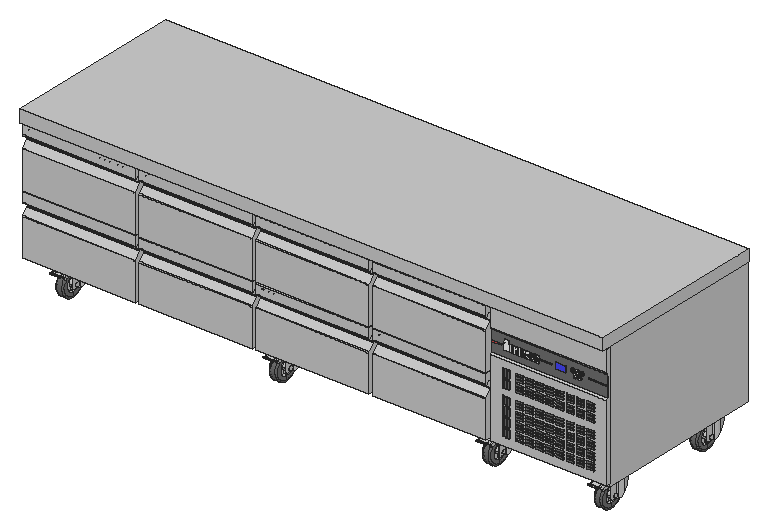
Revit family "QF_INOMAK_PWDP7777_250528083448", category Specialty Equipment, Revit 2021 (continued)
Definition of nested family "QF_INOMAK_REF_BASE_COUNTERS_2240_2920"
  Definition of nested family "QF_INOMAK_CONRTOL-PANEL"
    Forms (mm)
      Extrusion 1, solid
        sketch origin (-2240, -700, 0) x (-1, 0, 0) y (0, 0, 1)
          loop
            arc (-2113.4, 136.855) -> (-2116.4, 133.855) -> (-2113.4, 130.855) r 3
            line (-2113.4, 130.855) -> (-2089.4, 130.855)
            arc (-2089.4, 130.855) -> (-2086.4, 133.855) -> (-2089.4, 136.855) r 3
            line (-2089.4, 136.855) -> (-2113.4, 136.855)
          loop
            arc (-2074.4, 136.855) -> (-2077.4, 133.855) -> (-2074.4, 130.855) r 3
            line (-2074.4, 130.855) -> (-2050.4, 130.855)
            arc (-2050.4, 130.855) -> (-2047.4, 133.855) -> (-2050.4, 136.855) r 3
            line (-2050.4, 136.855) -> (-2074.4, 136.855)
          loop
            arc (-2035.4, 136.855) -> (-2038.4, 133.855) -> (-2035.4, 130.855) r 3
            line (-2035.4, 130.855) -> (-2011.4, 130.855)
            arc (-2011.4, 130.855) -> (-2008.4, 133.855) -> (-2011.4, 136.855) r 3
            line (-2011.4, 136.855) -> (-2035.4, 136.855)
          loop
            arc (-1996.4, 136.855) -> (-1999.4, 133.855) -> (-1996.4, 130.855) r 3
            line (-1996.4, 130.855) -> (-1972.4, 130.855)
            arc (-1972.4, 130.855) -> (-1969.4, 133.855) -> (-1972.4, 136.855) r 3
            line (-1972.4, 136.855) -> (-1996.4, 136.855)
          loop
            arc (-1957.4, 136.855) -> (-1960.4, 133.855) -> (-1957.4, 130.855) r 3
            line (-1957.4, 130.855) -> (-1933.4, 130.855)
            arc (-1933.4, 130.855) -> (-1930.4, 133.855) -> (-1933.4, 136.855) r 3
            line (-1933.4, 136.855) -> (-1957.4, 136.855)
          loop
            arc (-1918.4, 136.855) -> (-1921.4, 133.855) -> (-1918.4, 130.855) r 3
            line (-1918.4, 130.855) -> (-1894.4, 130.855)
            arc (-1894.4, 130.855) -> (-1891.4, 133.855) -> (-1894.4, 136.855) r 3
            line (-1894.4, 136.855) -> (-1918.4, 136.855)
          loop
            arc (-2191.4, 125.855) -> (-2194.4, 122.855) -> (-2191.4, 119.855) r 3
            line (-2191.4, 119.855) -> (-2167.4, 119.855)
            arc (-2167.4, 119.855) -> (-2164.4, 122.855) -> (-2167.4, 125.855) r 3
            line (-2167.4, 125.855) -> (-2191.4, 125.855)
          loop
            arc (-2152.4, 125.855) -> (-2155.4, 122.855) -> (-2152.4, 119.855) r 3
            line (-2152.4, 119.855) -> (-2128.4, 119.855)
            arc (-2128.4, 119.855) -> (-2125.4, 122.855) -> (-2128.4, 125.855) r 3
            line (-2128.4, 125.855) -> (-2152.4, 125.855)
          loop
            arc (-2113.4, 125.855) -> (-2116.4, 122.855) -> (-2113.4, 119.855) r 3
            line (-2113.4, 119.855) -> (-2089.4, 119.855)
            arc (-2089.4, 119.855) -> (-2086.4, 122.855) -> (-2089.4, 125.855) r 3
            line (-2089.4, 125.855) -> (-2113.4, 125.855)
          loop
            arc (-2074.4, 125.855) -> (-2077.4, 122.855) -> (-2074.4, 119.855) r 3
            line (-2074.4, 119.855) -> (-2050.4, 119.855)
            arc (-2050.4, 119.855) -> (-2047.4, 122.855) -> (-2050.4, 125.855) r 3
            line (-2050.4, 125.855) -> (-2074.4, 125.855)
          loop
            arc (-2035.4, 125.855) -> (-2038.4, 122.855) -> (-2035.4, 119.855) r 3
            line (-2035.4, 119.855) -> (-2011.4, 119.855)
            arc (-2011.4, 119.855) -> (-2008.4, 122.855) -> (-2011.4, 125.855) r 3
            line (-2011.4, 125.855) -> (-2035.4, 125.855)
          loop
            arc (-1996.4, 125.855) -> (-1999.4, 122.855) -> (-1996.4, 119.855) r 3
            line (-1996.4, 119.855) -> (-1972.4, 119.855)
            arc (-1972.4, 119.855) -> (-1969.4, 122.855) -> (-1972.4, 125.855) r 3
            line (-1972.4, 125.855) -> (-1996.4, 125.855)
          loop
            arc (-1957.4, 125.855) -> (-1960.4, 122.855) -> (-1957.4, 119.855) r 3
            line (-1957.4, 119.855) -> (-1933.4, 119.855)
            arc (-1933.4, 119.855) -> (-1930.4, 122.855) -> (-1933.4, 125.855) r 3
            line (-1933.4, 125.855) -> (-1957.4, 125.855)
          loop
            arc (-1918.4, 125.855) -> (-1921.4, 122.855) -> (-1918.4, 119.855) r 3
            line (-1918.4, 119.855) -> (-1894.4, 119.855)
            arc (-1894.4, 119.855) -> (-1891.4, 122.855) -> (-1894.4, 125.855) r 3
            line (-1894.4, 125.855) -> (-1918.4, 125.855)
          loop
            arc (-2191.4, 110.855) -> (-2194.4, 107.855) -> (-2191.4, 104.855) r 3
            line (-2191.4, 104.855) -> (-2167.4, 104.855)
            arc (-2167.4, 104.855) -> (-2164.4, 107.855) -> (-2167.4, 110.855) r 3
            line (-2167.4, 110.855) -> (-2191.4, 110.855)
          loop
            arc (-2152.4, 110.855) -> (-2155.4, 107.855) -> (-2152.4, 104.855) r 3
            line (-2152.4, 104.855) -> (-2128.4, 104.855)
            arc (-2128.4, 104.855) -> (-2125.4, 107.855) -> (-2128.4, 110.855) r 3
            line (-2128.4, 110.855) -> (-2152.4, 110.855)
          loop
            arc (-2113.4, 110.855) -> (-2116.4, 107.855) -> (-2113.4, 104.855) r 3
            line (-2113.4, 104.855) -> (-2089.4, 104.855)
            arc (-2089.4, 104.855) -> (-2086.4, 107.855) -> (-2089.4, 110.855) r 3
            line (-2089.4, 110.855) -> (-2113.4, 110.855)
          loop
            arc (-2074.4, 110.855) -> (-2077.4, 107.855) -> (-2074.4, 104.855) r 3
            line (-2074.4, 104.855) -> (-2050.4, 104.855)
            arc (-2050.4, 104.855) -> (-2047.4, 107.855) -> (-2050.4, 110.855) r 3
            line (-2050.4, 110.855) -> (-2074.4, 110.855)
          loop
            arc (-2035.4, 110.855) -> (-2038.4, 107.855) -> (-2035.4, 104.855) r 3
            line (-2035.4, 104.855) -> (-2011.4, 104.855)
            arc (-2011.4, 104.855) -> (-2008.4, 107.855) -> (-2011.4, 110.855) r 3
            line (-2011.4, 110.855) -> (-2035.4, 110.855)
          loop
            arc (-1996.4, 110.855) -> (-1999.4, 107.855) -> (-1996.4, 104.855) r 3
            line (-1996.4, 104.855) -> (-1972.4, 104.855)
            arc (-1972.4, 104.855) -> (-1969.4, 107.855) -> (-1972.4, 110.855) r 3
            line (-1972.4, 110.855) -> (-1996.4, 110.855)
          loop
            arc (-1957.4, 110.855) -> (-1960.4, 107.855) -> (-1957.4, 104.855) r 3
            line (-1957.4, 104.855) -> (-1933.4, 104.855)
            arc (-1933.4, 104.855) -> (-1930.4, 107.855) -> (-1933.4, 110.855) r 3
            line (-1933.4, 110.855) -> (-1957.4, 110.855)
          loop
            arc (-1918.4, 110.855) -> (-1921.4, 107.855) -> (-1918.4, 104.855) r 3
            line (-1918.4, 104.855) -> (-1894.4, 104.855)
            arc (-1894.4, 104.855) -> (-1891.4, 107.855) -> (-1894.4, 110.855) r 3
            line (-1894.4, 110.855) -> (-1918.4, 110.855)
          loop
            arc (-2191.4, 99.855) -> (-2194.4, 96.855) -> (-2191.4, 93.855) r 3
            line (-2191.4, 93.855) -> (-2167.4, 93.855)
            arc (-2167.4, 93.855) -> (-2164.4, 96.855) -> (-2167.4, 99.855) r 3
            line (-2167.4, 99.855) -> (-2191.4, 99.855)
          loop
            arc (-2152.4, 99.855) -> (-2155.4, 96.855) -> (-2152.4, 93.855) r 3
            line (-2152.4, 93.855) -> (-2128.4, 93.855)
            arc (-2128.4, 93.855) -> (-2125.4, 96.855) -> (-2128.4, 99.855) r 3
            line (-2128.4, 99.855) -> (-2152.4, 99.855)
          loop
            arc (-2113.4, 99.855) -> (-2116.4, 96.855) -> (-2113.4, 93.855) r 3
            line (-2113.4, 93.855) -> (-2089.4, 93.855)
            arc (-2089.4, 93.855) -> (-2086.4, 96.855) -> (-2089.4, 99.855) r 3
            line (-2089.4, 99.855) -> (-2113.4, 99.855)
          loop
            arc (-2074.4, 99.855) -> (-2077.4, 96.855) -> (-2074.4, 93.855) r 3
            line (-2074.4, 93.855) -> (-2050.4, 93.855)
            arc (-2050.4, 93.855) -> (-2047.4, 96.855) -> (-2050.4, 99.855) r 3
            line (-2050.4, 99.855) -> (-2074.4, 99.855)
          loop
            arc (-2035.4, 99.855) -> (-2038.4, 96.855) -> (-2035.4, 93.855) r 3
            line (-2035.4, 93.855) -> (-2011.4, 93.855)
            arc (-2011.4, 93.855) -> (-2008.4, 96.855) -> (-2011.4, 99.855) r 3
            line (-2011.4, 99.855) -> (-2035.4, 99.855)
          loop
            arc (-1996.4, 99.855) -> (-1999.4, 96.855) -> (-1996.4, 93.855) r 3
            line (-1996.4, 93.855) -> (-1972.4, 93.855)
            arc (-1972.4, 93.855) -> (-1969.4, 96.855) -> (-1972.4, 99.855) r 3
            line (-1972.4, 99.855) -> (-1996.4, 99.855)
          loop
            arc (-1957.4, 99.855) -> (-1960.4, 96.855) -> (-1957.4, 93.855) r 3
            line (-1957.4, 93.855) -> (-1933.4, 93.855)
            arc (-1933.4, 93.855) -> (-1930.4, 96.855) -> (-1933.4, 99.855) r 3
            line (-1933.4, 99.855) -> (-1957.4, 99.855)
          loop
            arc (-1918.4, 99.855) -> (-1921.4, 96.855) -> (-1918.4, 93.855) r 3
            line (-1918.4, 93.855) -> (-1894.4, 93.855)
            arc (-1894.4, 93.855) -> (-1891.4, 96.855) -> (-1894.4, 99.855) r 3
            line (-1894.4, 99.855) -> (-1918.4, 99.855)
          loop
            arc (-2191.4, 88.855) -> (-2194.4, 85.855) -> (-2191.4, 82.855) r 3
            line (-2191.4, 82.855) -> (-2167.4, 82.855)
            arc (-2167.4, 82.855) -> (-2164.4, 85.855) -> (-2167.4, 88.855) r 3
            line (-2167.4, 88.855) -> (-2191.4, 88.855)
          loop
            arc (-2152.4, 88.855) -> (-2155.4, 85.855) -> (-2152.4, 82.855) r 3
            line (-2152.4, 82.855) -> (-2128.4, 82.855)
            arc (-2128.4, 82.855) -> (-2125.4, 85.855) -> (-2128.4, 88.855) r 3
            line (-2128.4, 88.855) -> (-2152.4, 88.855)
          loop
            arc (-2113.4, 88.855) -> (-2116.4, 85.855) -> (-2113.4, 82.855) r 3
            line (-2113.4, 82.855) -> (-2089.4, 82.855)
            arc (-2089.4, 82.855) -> (-2086.4, 85.855) -> (-2089.4, 88.855) r 3
            line (-2089.4, 88.855) -> (-2113.4, 88.855)
          loop
            arc (-2074.4, 88.855) -> (-2077.4, 85.855) -> (-2074.4, 82.855) r 3
            line (-2074.4, 82.855) -> (-2050.4, 82.855)
            arc (-2050.4, 82.855) -> (-2047.4, 85.855) -> (-2050.4, 88.855) r 3
            line (-2050.4, 88.855) -> (-2074.4, 88.855)
          loop
            arc (-2035.4, 88.855) -> (-2038.4, 85.855) -> (-2035.4, 82.855) r 3
            line (-2035.4, 82.855) -> (-2011.4, 82.855)
            arc (-2011.4, 82.855) -> (-2008.4, 85.855) -> (-2011.4, 88.855) r 3
            line (-2011.4, 88.855) -> (-2035.4, 88.855)
          loop
            arc (-1996.4, 88.855) -> (-1999.4, 85.855) -> (-1996.4, 82.855) r 3
            line (-1996.4, 82.855) -> (-1972.4, 82.855)
            arc (-1972.4, 82.855) -> (-1969.4, 85.855) -> (-1972.4, 88.855) r 3
            line (-1972.4, 88.855) -> (-1996.4, 88.855)
          loop
            arc (-1957.4, 88.855) -> (-1960.4, 85.855) -> (-1957.4, 82.855) r 3
            line (-1957.4, 82.855) -> (-1933.4, 82.855)
            arc (-1933.4, 82.855) -> (-1930.4, 85.855) -> (-1933.4, 88.855) r 3
            line (-1933.4, 88.855) -> (-1957.4, 88.855)
          loop
            arc (-1918.4, 88.855) -> (-1921.4, 85.855) -> (-1918.4, 82.855) r 3
            line (-1918.4, 82.855) -> (-1894.4, 82.855)
            arc (-1894.4, 82.855) -> (-1891.4, 85.855) -> (-1894.4, 88.855) r 3
            line (-1894.4, 88.855) -> (-1918.4, 88.855)
          loop
            arc (-1840.4, 313.855) -> (-1843.4, 316.855) -> (-1846.4, 313.855) r 3
            line (-1846.4, 313.855) -> (-1846.4, 289.855)
            arc (-1846.4, 289.855) -> (-1843.4, 286.855) -> (-1840.4, 289.855) r 3
            line (-1840.4, 289.855) -> (-1840.4, 313.855)
          loop
            arc (-1851.4, 313.855) -> (-1854.4, 316.855) -> (-1857.4, 313.855) r 3
            line (-1857.4, 313.855) -> (-1857.4, 289.855)
            arc (-1857.4, 289.855) -> (-1854.4, 286.855) -> (-1851.4, 289.855) r 3
            line (-1851.4, 289.855) -> (-1851.4, 313.855)
          loop
            arc (-1862.4, 313.855) -> (-1865.4, 316.855) -> (-1868.4, 313.855) r 3
            line (-1868.4, 313.855) -> (-1868.4, 289.855)
            arc (-1868.4, 289.855) -> (-1865.4, 286.855) -> (-1862.4, 289.855) r 3
            line (-1862.4, 289.855) -> (-1862.4, 313.855)
          loop
            arc (-1840.4, 276.855) -> (-1843.4, 279.855) -> (-1846.4, 276.855) r 3
            line (-1846.4, 276.855) -> (-1846.4, 252.855)
            arc (-1846.4, 252.855) -> (-1843.4, 249.855) -> (-1840.4, 252.855) r 3
            line (-1840.4, 252.855) -> (-1840.4, 276.855)
          loop
            arc (-1851.4, 276.855) -> (-1854.4, 279.855) -> (-1857.4, 276.855) r 3
            line (-1857.4, 276.855) -> (-1857.4, 252.855)
            arc (-1857.4, 252.855) -> (-1854.4, 249.855) -> (-1851.4, 252.855) r 3
            line (-1851.4, 252.855) -> (-1851.4, 276.855)
          loop
            arc (-1862.4, 276.855) -> (-1865.4, 279.855) -> (-1868.4, 276.855) r 3
            line (-1868.4, 276.855) -> (-1868.4, 252.855)
            arc (-1868.4, 252.855) -> (-1865.4, 249.855) -> (-1862.4, 252.855) r 3
            line (-1862.4, 252.855) -> (-1862.4, 276.855)
          loop
            arc (-1840.4, 219.855) -> (-1843.4, 222.855) -> (-1846.4, 219.855) r 3
            line (-1846.4, 219.855) -> (-1846.4, 195.855)
            arc (-1846.4, 195.855) -> (-1843.4, 192.855) -> (-1840.4, 195.855) r 3
            line (-1840.4, 195.855) -> (-1840.4, 219.855)
          loop
            arc (-1851.4, 219.855) -> (-1854.4, 222.855) -> (-1857.4, 219.855) r 3
            line (-1857.4, 219.855) -> (-1857.4, 195.855)
            arc (-1857.4, 195.855) -> (-1854.4, 192.855) -> (-1851.4, 195.855) r 3
            line (-1851.4, 195.855) -> (-1851.4, 219.855)
          loop
            arc (-1862.4, 219.855) -> (-1865.4, 222.855) -> (-1868.4, 219.855) r 3
            line (-1868.4, 219.855) -> (-1868.4, 195.855)
            arc (-1868.4, 195.855) -> (-1865.4, 192.855) -> (-1862.4, 195.855) r 3
            line (-1862.4, 195.855) -> (-1862.4, 219.855)
          loop
            arc (-1840.4, 182.855) -> (-1843.4, 185.855) -> (-1846.4, 182.855) r 3
            line (-1846.4, 182.855) -> (-1846.4, 158.855)
            arc (-1846.4, 158.855) -> (-1843.4, 155.855) -> (-1840.4, 158.855) r 3
            line (-1840.4, 158.855) -> (-1840.4, 182.855)
          loop
            arc (-1851.4, 182.855) -> (-1854.4, 185.855) -> (-1857.4, 182.855) r 3
            line (-1857.4, 182.855) -> (-1857.4, 158.855)
            arc (-1857.4, 158.855) -> (-1854.4, 155.855) -> (-1851.4, 158.855) r 3
            line (-1851.4, 158.855) -> (-1851.4, 182.855)
          loop
            arc (-1862.4, 182.855) -> (-1865.4, 185.855) -> (-1868.4, 182.855) r 3
            line (-1868.4, 182.855) -> (-1868.4, 158.855)
            arc (-1868.4, 158.855) -> (-1865.4, 155.855) -> (-1862.4, 158.855) r 3
            line (-1862.4, 158.855) -> (-1862.4, 182.855)
          loop
            arc (-1840.4, 145.855) -> (-1843.4, 148.855) -> (-1846.4, 145.855) r 3
            line (-1846.4, 145.855) -> (-1846.4, 121.855)
            arc (-1846.4, 121.855) -> (-1843.4, 118.855) -> (-1840.4, 121.855) r 3
            line (-1840.4, 121.855) -> (-1840.4, 145.855)
          loop
            arc (-1851.4, 145.855) -> (-1854.4, 148.855) -> (-1857.4, 145.855) r 3
            line (-1857.4, 145.855) -> (-1857.4, 121.855)
            arc (-1857.4, 121.855) -> (-1854.4, 118.855) -> (-1851.4, 121.855) r 3
            line (-1851.4, 121.855) -> (-1851.4, 145.855)
          loop
            arc (-1862.4, 145.855) -> (-1865.4, 148.855) -> (-1868.4, 145.855) r 3
            line (-1868.4, 145.855) -> (-1868.4, 121.855)
            arc (-1868.4, 121.855) -> (-1865.4, 118.855) -> (-1862.4, 121.855) r 3
            line (-1862.4, 121.855) -> (-1862.4, 145.855)
          loop
            arc (-1840.4, 108.855) -> (-1843.4, 111.855) -> (-1846.4, 108.855) r 3
            line (-1846.4, 108.855) -> (-1846.4, 84.855)
            arc (-1846.4, 84.855) -> (-1843.4, 81.855) -> (-1840.4, 84.855) r 3
            line (-1840.4, 84.855) -> (-1840.4, 108.855)
          loop
            arc (-1851.4, 108.855) -> (-1854.4, 111.855) -> (-1857.4, 108.855) r 3
            line (-1857.4, 108.855) -> (-1857.4, 84.855)
            arc (-1857.4, 84.855) -> (-1854.4, 81.855) -> (-1851.4, 84.855) r 3
            line (-1851.4, 84.855) -> (-1851.4, 108.855)
          loop
            arc (-1862.4, 108.855) -> (-1865.4, 111.855) -> (-1868.4, 108.855) r 3
            line (-1868.4, 108.855) -> (-1868.4, 84.855)
            arc (-1868.4, 84.855) -> (-1865.4, 81.855) -> (-1862.4, 84.855) r 3
            line (-1862.4, 84.855) -> (-1862.4, 108.855)
        from 16.5 to 19
    Dimensions and locks
      "Length": plane 3 "Left" to plane 4 "Right"
      "Depth": plane 5 "Front" to plane 1 "Back"
      "Front offset": plane 7 "Front offset" to plane 5 "Front"
      "Height": plane 6 "Top" to plane 2
      aligned and locked: level to plane 2
    Automatic sketch dimensions
      plane 4 "Right" to Extrusion 1 sketch curve = 48.6 mm  (x3)
      Extrusion 1 sketch curve to Extrusion 1 sketch curve = 0 mm  (x245)
      Extrusion 1 sketch curve to Extrusion 1 sketch curve = 24 mm  (x38)
      Extrusion 1 sketch curve to Extrusion 1 sketch curve = 15 mm  (x39)
      Extrusion 1 sketch curve to Extrusion 1 sketch curve = 26 mm  (x5)
      Extrusion 1 sketch curve to Extrusion 1 sketch curve = 3 mm  (x162)
      Extrusion 1 sketch curve to Extrusion 1 sketch curve = 5 mm  (x108)
      Extrusion 1 sketch curve to Extrusion 1 sketch curve = 9 mm  (x32)
      Extrusion 1 sketch curve to Extrusion 1 sketch curve = 13 mm  (x6)
      Extrusion 1 sketch curve to Extrusion 1 sketch curve = 29 mm  (x6)
      Extrusion 1 sketch curve to Extrusion 1 sketch curve = 33 mm
      level to Extrusion 1 sketch curve = 82.855 mm  (x2)
      Extrusion 1 sketch curve to Extrusion 1 sketch curve = 1 mm
Definition of nested family "QF_INOMAK_REF_COUNTERS_DOORS_DRAWERS_6522"
  Parameters (values of type "DR-LX-710")
    Weight [instance] = 0.00 kg
    Warranty Start Date [instance] = ""
    Warranty Duration [instance] = ""
    URL Cutsheet [instance] = ""
    URL = "www.inomak.com"
    Top inset [instance] = 10 mm
    Technical Documentation [instance] = ""
    Tag Number [instance] = ""
    Status [instance] = ""
    Specification by User [instance] = ""
    Specification by Manufacturer [instance] = ""
    Sound Level [instance] = ""
    Solid Fuel Type [instance] = ""
    Show Logo [instance] = yes
    Show Clearances [instance] = yes
    Service Life Duration [instance] = ""
    Serial Number [instance] = ""
    Seismic Rating [instance] = ""
    SMACNA No [instance] = ""
    Right panel thickness [instance] = 0 mm
    Revision Code [instance] = ""
    Revision [instance] = ""
    Rear inset [instance] = 0 mm
    Production Year [instance] = ""
    Point Load [instance] = 0
    Plinth height [instance] = 0 mm
    Other Equipment Approvals [instance] = ""
    NAFEM Spec ID Number [instance] = ""
    Model Warning [instance] = ""
    Model = "DR-LX-710"
    Masterspec [instance] = ""
    Manufacturer = "INOMAK"
    Length Actual [instance] = 435 mm
    Left panel thickness [instance] = 0 mm
    Item Number [instance] = ""
    Installed By [instance] = ""
    Installation Date [instance] = ""
    Identify Quantity as Lot [instance] = yes
    ID [instance] = ""
    Hygiene Approval [instance] = ""
    Height Actual [instance] = 710 mm
    Furnished By [instance] = ""
    Front inset [instance] = 10 mm
    Foodservice Equipment Identifier [instance] = yes
    Finish [instance] = none
    ETL Approved [instance] = yes
    Doors drawers type [instance] = 8
    Description = "LEFT HINGED DOOR"
    Depth Actual [instance] = 700 mm
    Default Elevation = 0 mm
    CSI MasterFormat [instance] = ""
    CE Approved [instance] = yes
    Bottom inset [instance] = 10 mm
    Barcode [instance] = ""
    Author [instance] = ""
    Asset Identifier [instance] = ""
    Assembly Code = "E1090320"
    Accessory [instance] = yes
  Types (9, lengths in mm): name | Model | Height Actual | Doors drawers type | Description
    DW-2-710 | "DW-2-710" | 710 | 4 | "2 X GN 1/2 DRAWERS"
    DR-LX-710 | "DR-LX-710" | 710 | 8 | "LEFT HINGED DOOR"
    DR-RX-710 | "DR-RX-710" | 710 | 9 | "RIGHT HINGED DOOR"
    DW-3-710 | "DW-3-710" | 710 | 6 | "3 X GN 1/3 DRAWERS"
    DW-B-710 | "DW-B-710" | 710 | 5 | "1 X GN 1/3 & 1 X GN 2/3 DRAWERS"
    DW-2-483 | "DW-2-483" | 483 | 4 | "2 X GN 1/3 DRAWERS"
    DR-LX-483 | "DR-LX-483" | 483 | 8 | "LEFT HINGED DOOR"
    DR-RX-483 | "DR-RX-483" | 483 | 9 | "RIGHT HINGED DOOR"
    DW-1-483 | "DW-1-483" | 483 | 10 | "1 X GN 2/3 DRAWER"
  Reference planes
    plane 1 "Front": y = 0
    plane 2: z = 0
    plane 3 "Left": x = 0
    plane 4 "Right": x = 435
    plane 5 "Back": y = 700
    plane 6 "Top": z = 710
    plane 7 "Bottom shelf": z = 0
    plane 8: z = 700
    plane 9: z = 10
    plane 10: x = 0
    plane 11: x = 435
    plane 12 "Center Top Bottom": z = 355
  Lines and regions (mm)
    reference lines
      curve 1: line (0, 0, 355) -> (0, 25, 355)
      curve 2: line (435, 0, 355) -> (435, 25, 355)
      curve 3: line (0, 700, 355) -> (435, 700, 355)
      curve 4: line (0, 0, 355) -> (435, 0, 355)
  Dimensions and locks
    "Length Actual": plane 3 "Left" to plane 4 "Right"
    "Depth Actual": plane 1 "Front" to plane 5 "Back"
    "Height Actual": plane 6 "Top" to plane 7 "Bottom shelf"
    "Plinth height": plane 7 "Bottom shelf" to plane 2
    "Top inset": plane 6 "Top" to plane 8
    "Bottom inset": plane 9 to plane 7 "Bottom shelf"
    "Left panel thickness": plane 3 "Left" to plane 10
    "Right panel thickness": plane 11 to plane 4 "Right"
    equal spacing: plane 6 "Top", plane 12 "Center Top Bottom", plane 7 "Bottom shelf"
    "Length Actual": curve 1 to plane 4 "Right"
    "Length Actual": plane 3 "Left" to curve 2
    "Depth Actual": plane 1 "Front" to curve 3
    "Depth Actual": plane 5 "Back" to curve 4
    aligned and locked: level to plane 2
    aligned and locked: plane 3 "Left" to nested 1
    aligned and locked: plane 3 "Left" to nested 2
    aligned and locked: plane 3 "Left" to nested 3
    aligned and locked: plane 3 "Left" to nested 4
    aligned and locked: plane 3 "Left" to nested 5
    aligned and locked: plane 3 "Left" to nested 6
    aligned and locked: plane 3 "Left" to nested 7
    aligned and locked: plane 3 "Left" to nested 8
    aligned and locked: plane 3 "Left" to nested 9
    aligned and locked: nested 4 to plane 1 "Front"
    aligned and locked: nested 6 to plane 1 "Front"
    aligned and locked: nested 8 to plane 1 "Front"
    aligned and locked: nested 5 to plane 1 "Front"
    aligned and locked: nested 3 to plane 1 "Front"
    aligned and locked: nested 7 to plane 1 "Front"
    aligned and locked: nested 2 to plane 1 "Front"
    aligned and locked: nested 1 to plane 1 "Front"
    aligned and locked: nested 9 to plane 1 "Front"
  Automatic sketch dimensions
    curve 3 to plane 4 "Right" = 0 mm
    curve 3 to plane 3 "Left" = 0 mm
    curve 2 to curve 2 = 25 mm
    curve 1 to curve 1 = 25 mm
  Nested families
    nested 1: "Right_Door" at (0, 700, 0), Depth Actual <- "Depth Actual", Height Actual <- "Height Actual", Length Actual <- "Length Actual", Front inset <- "Front inset", Rear inset <- "Rear inset", Left panel thickness <- "Left panel thickness", Right panel thickness <- "Right panel thickness", Doors drawers type <- "Doors drawers type", Plinth height <- "Plinth height", Top inset <- "Top inset", Bottom inset <- "Bottom inset", type "Right door"
      with Top inset 10 mm, Right panel thickness 0 mm, Right hand hinged door no, Rear inset 0 mm, Plinth height 0 mm, Length Actual 435 mm, Left panel thickness 0 mm, Height Actual 710 mm, Front inset 10 mm, Doors drawers type 8, Depth Actual 700 mm, Bottom inset 10 mm
    nested 2: "Left_Door" at (0, 700, 0), Depth Actual <- "Depth Actual", Height Actual <- "Height Actual", Length Actual <- "Length Actual", Front inset <- "Front inset", Rear inset <- "Rear inset", Left panel thickness <- "Left panel thickness", Right panel thickness <- "Right panel thickness", Doors drawers type <- "Doors drawers type", Plinth height <- "Plinth height", Top inset <- "Top inset", Bottom inset <- "Bottom inset", type "Left door"
      with Top inset 10 mm, Right panel thickness 0 mm, Rear inset 0 mm, Plinth height 0 mm, Length Actual 435 mm, Left panel thickness 0 mm, Left hand hinged door yes, Height Actual 710 mm, Front inset 10 mm, Doors drawers type 8, Depth Actual 700 mm, Bottom inset 10 mm
    nested 3: "3_Drawers_1-3" at (0, 700, 0), Depth Actual <- "Depth Actual", Height Actual <- "Height Actual", Length Actual <- "Length Actual", Front inset <- "Front inset", Rear inset <- "Rear inset", Left panel thickness <- "Left panel thickness", Right panel thickness <- "Right panel thickness", Doors drawers type <- "Doors drawers type", Plinth height <- "Plinth height", Top inset <- "Top inset", Bottom inset <- "Bottom inset", type "3 Drawers 1-3"
      with Top inset 10 mm, Right panel thickness 0 mm, Rear inset 0 mm, Plinth height 0 mm, Length Actual 435 mm, Left panel thickness 0 mm, Height Actual 710 mm, Front inset 10 mm, Doors drawers type 8, Depth Actual 700 mm, Bottom inset 10 mm, 3 Drawers no
    nested 4: "2_Drawers_1-2" at (0, 700, 0), Depth Actual <- "Depth Actual", Height Actual <- "Height Actual", Length Actual <- "Length Actual", Front inset <- "Front inset", Rear inset <- "Rear inset", Left panel thickness <- "Left panel thickness", Right panel thickness <- "Right panel thickness", Doors drawers type <- "Doors drawers type", Plinth height <- "Plinth height", Top inset <- "Top inset", Bottom inset <- "Bottom inset", type "2 Drawers 1-2"
      with Top inset 10 mm, Right panel thickness 0 mm, Rear inset 0 mm, Plinth height 0 mm, Length Actual 435 mm, Left panel thickness 0 mm, Height Actual 710 mm, Front inset 10 mm, Doors drawers type 8, Depth Actual 700 mm, Bottom inset 10 mm, 2 Drawers no
    nested 5: "2_Drawers_1-3_2-3" at (0, 700, 0), Depth Actual <- "Depth Actual", Height Actual <- "Height Actual", Length Actual <- "Length Actual", Front inset <- "Front inset", Rear inset <- "Rear inset", Left panel thickness <- "Left panel thickness", Right panel thickness <- "Right panel thickness", Doors drawers type <- "Doors drawers type", Plinth height <- "Plinth height", Top inset <- "Top inset", Bottom inset <- "Bottom inset", type "2 Drawers 1-3 and 2-3"
      with Top inset 10 mm, Right panel thickness 0 mm, Rear inset 0 mm, Plinth height 0 mm, Length Actual 435 mm, Left panel thickness 0 mm, Height Actual 710 mm, Front inset 10 mm, Doors drawers type 8, Depth Actual 700 mm, Bottom inset 10 mm, 2 Drawers 1-3 and 2-3 no
    nested 6: "Sliding_Doors" at (0, 700, 0), Depth Actual <- "Depth Actual", Height Actual <- "Height Actual", Length Actual <- "Length Actual", Front inset <- "Front inset", Rear inset <- "Rear inset", Left panel thickness <- "Left panel thickness", Right panel thickness <- "Right panel thickness", Doors drawers type <- "Doors drawers type", Plinth height <- "Plinth height", Top inset <- "Top inset", Bottom inset <- "Bottom inset", Finish <- "Finish", type "Sliding doors"
      with Top inset 10 mm, Sliding doors no, Right panel thickness 0 mm, Rear inset 0 mm, Plinth height 0 mm, Length Actual 435 mm, Left panel thickness 0 mm, Height Actual 710 mm, Front inset 10 mm, Finish none, Doors drawers type 8, Depth Actual 700 mm, Bottom inset 10 mm
    nested 7: "4_Drawers_1-4" at (0, 700, 0), Depth Actual <- "Depth Actual", Height Actual <- "Height Actual", Length Actual <- "Length Actual", Front inset <- "Front inset", Rear inset <- "Rear inset", Left panel thickness <- "Left panel thickness", Right panel thickness <- "Right panel thickness", Doors drawers type <- "Doors drawers type", Plinth height <- "Plinth height", Top inset <- "Top inset", Bottom inset <- "Bottom inset", Finish <- "Finish", type "4 Drawers 1-4"
      with Top inset 10 mm, Right panel thickness 0 mm, Rear inset 0 mm, Plinth height 0 mm, Length Actual 435 mm, Left panel thickness 0 mm, Height Actual 710 mm, Front inset 10 mm, Finish none, Doors drawers type 8, Depth Actual 700 mm, Bottom inset 10 mm, 4 Drawers no
    nested 8: "Hinged_Doors" at (0, 700, 0), Length Actual <- "Length Actual", Depth Actual <- "Depth Actual", Height Actual <- "Height Actual", Front inset <- "Front inset", Rear inset <- "Rear inset", Left panel thickness <- "Left panel thickness", Right panel thickness <- "Right panel thickness", Doors drawers type <- "Doors drawers type", Plinth height <- "Plinth height", Top inset <- "Top inset", Bottom inset <- "Bottom inset", Finish <- "Finish", type "Hinged doors"
      with Top inset 10 mm, Right panel thickness 0 mm, Rear inset 0 mm, Plinth height 0 mm, Length Actual 435 mm, Left panel thickness 0 mm, Hinged doors no, Height Actual 710 mm, Front inset 10 mm, Finish none, Doors drawers type 8, Depth Actual 700 mm, Bottom inset 10 mm
    nested 9: "Hopper" at (0, 700, 1.284), Length Actual <- "Length Actual", Depth Actual <- "Depth Actual", Height Actual <- "Height Actual", Front inset <- "Front inset", Rear inset <- "Rear inset", Left panel thickness <- "Left panel thickness", Right panel thickness <- "Right panel thickness", Doors drawers type <- "Doors drawers type", Plinth height <- "Plinth height", Top inset <- "Top inset", Bottom inset <- "Bottom inset", Finish <- "Finish", type "Hopper"
      with Top inset 10 mm, Right panel thickness 0 mm, Rear inset 0 mm, Plinth height 0 mm, Length Actual 435 mm, Left panel thickness 0 mm, Hopper no, Height Actual 710 mm, Front inset 10 mm, Finish none, Doors drawers type 8, Depth Actual 700 mm, Bottom inset 10 mm
  Definition of nested family "Left_Door"
    Parameters (values of type "Left door")
      URL = "www.specifiglobal.com"
      Top inset [instance] = 10 mm
      Right panel thickness [instance] = 0 mm
      Rear inset [instance] = 0 mm
      Plinth height [instance] = 150 mm
      Model = ""
      Manufacturer = "DEMO CONSULTANT"
      Length Actual [instance] = 700 mm
      Left panel thickness [instance] = 0 mm
      Left hand hinged door [instance] = Doors drawers type = 8  # yes
      Height Actual [instance] = 710 mm
      Front inset [instance] = 10 mm
      Finish = none
      Doors drawers type [instance] = 8
      Description = ""
      Depth Actual [instance] = 700 mm
      Default Elevation = 0 mm
      Bottom inset [instance] = 0 mm
      Assembly Code = "E1090320"
    Reference planes
      plane 1 "Back": y = 0
      plane 2: z = 0
      plane 3 "Left": x = 0
      plane 4 "Right": x = 700
      plane 5 "Front": y = -700
      plane 6 "Top": z = 860
      plane 7 "Front legs": y = -690
      plane 8 "Legs top": z = 150
      plane 9 "Backsplash thickness": y = 0
      plane 10 "Left panel": x = 0
      plane 11 "Right panel": x = 700
      plane 12: z = 850
      plane 13: z = 150
    Forms (mm)
      Extrusion 1, solid, material <- "Finish", visible <- "Left hand hinged door"
        sketch origin (0, 0, 0) x (0, -1, 0) y (0, 0, 1)
          loop
            line (690, 150) -> (690, 764.365)
            arc (690, 764.365) -> (689.866, 765.037) -> (689.485, 765.607) r 1.757
            line (689.485, 765.607) -> (666.663, 788.429)
            arc (666.663, 788.429) -> (665.976, 789.458) -> (665.734, 790.672) r 3.172
            line (665.734, 790.672) -> (665.734, 817.576)
            arc (665.734, 817.576) -> (666.433, 819.262) -> (668.119, 819.961) r 2.385
            line (668.119, 819.961) -> (680.029, 819.961) -> (686.544, 810.657)
            arc (686.544, 810.657) -> (688.671, 809.935) -> (690, 811.747) r 1.9
            line (690, 811.747) -> (690, 850) -> (648, 850) -> (648, 150) -> (690, 150)
        from 0 to -700
      Extrusion 2, solid, visible <- "Left hand hinged door", detail levels coarse
        sketch origin (0, -700, 150) x (-1, 0, 0) y (0, 1, 0)
          loop
            arc (-700, 10) -> (-495.871, -481.066) -> (0, -673.23) r 677.11
            line (0, -673.23) -> (0, 10) -> (-700, 10)
        from 0 to -700
    Lines and regions (mm)
      symbolic lines, visible <- "Left hand hinged door"
        curve 1: line (0, -700, 150) -> (0, -1373.247, 150)
        curve 2: arc (0, -1373.247, 150) -> (492.316, -1184.595, 150) -> (700, -700, 150) r 676.963
    Dimensions and locks
      "Length Actual": plane 3 "Left" to plane 4 "Right"
      "Depth Actual": plane 5 "Front" to plane 1 "Back"
      "Height Actual": plane 6 "Top" to plane 8 "Legs top"
      "Front inset": plane 7 "Front legs" to plane 5 "Front"
      "Plinth height": plane 8 "Legs top" to plane 2
      "Rear inset": plane 9 "Backsplash thickness" to plane 1 "Back"
      "Right panel thickness": plane 11 "Right panel" to plane 4 "Right"
      "Left panel thickness": plane 3 "Left" to plane 10 "Left panel"
      "Top inset": plane 6 "Top" to plane 12
      "Bottom inset": plane 13 to plane 8 "Legs top"
      aligned and locked: level to plane 2
      aligned and locked: Extrusion 1 to plane 11 "Right panel"
      aligned and locked: plane 10 "Left panel" to Extrusion 2 sketch curve
      aligned and locked: plane 11 "Right panel" to Extrusion 2 sketch curve
      aligned and locked: Extrusion 2 sketch curve to plane 10 "Left panel"
      aligned and locked: plane 7 "Front legs" to Extrusion 2 sketch curve
      aligned and locked: plane 7 "Front legs" to Extrusion 2
      aligned and locked: plane 10 "Left panel" to Extrusion 2
      aligned and locked: Extrusion 2 to plane 12
      aligned and locked: Extrusion 1 sketch curve to plane 13
      aligned and locked: Extrusion 1 sketch curve to plane 7 "Front legs"
      aligned and locked: Extrusion 1 sketch curve to plane 12
    Automatic sketch dimensions
      Extrusion 1 sketch curve to Extrusion 1 sketch curve = 1.556 mm
      Extrusion 1 sketch curve to Extrusion 1 sketch curve = 11.91 mm
      Extrusion 1 sketch curve to Extrusion 1 sketch curve = 2.243 mm
      Extrusion 1 sketch curve to Extrusion 1 sketch curve = 2.385 mm
      Extrusion 1 sketch curve to Extrusion 1 sketch curve = 20.119 mm
      Extrusion 1 sketch curve to Extrusion 1 sketch curve = 22.822 mm
      Extrusion 1 sketch curve to Extrusion 1 sketch curve = 19.985 mm
      Extrusion 1 sketch curve to Extrusion 1 sketch curve = 6.919 mm
      Extrusion 1 sketch curve to Extrusion 1 sketch curve = 30.039 mm
      plane 7 "Front legs" to Extrusion 1 sketch curve = 42 mm
      Extrusion 1 sketch curve to Extrusion 1 sketch curve = 0.929 mm
      Extrusion 1 sketch curve to Extrusion 1 sketch curve = 6.515 mm
      Extrusion 1 sketch curve to Extrusion 1 sketch curve = 1.242 mm
      Extrusion 1 sketch curve to Extrusion 1 sketch curve = 1.9 mm
      Extrusion 1 sketch curve to Extrusion 1 sketch curve = 0.515 mm
      plane 5 "Front" to Extrusion 2 sketch curve = 3.492 mm
      plane 3 "Left" to Extrusion 2 sketch curve = 22.921 mm
      curve 1 to plane 3 "Left" = 0 mm
      curve 2 to plane 4 "Right" = 0 mm
      curve 2 to plane 5 "Front" = 0 mm
      curve 1 to plane 5 "Front" = 0 mm
      plane 5 "Front" to curve 2 = 3.324 mm
      plane 3 "Left" to curve 2 = 23.045 mm
  Definition of nested family "Right_Door"
    Parameters (values of type "Right door")
      URL = "www.specifiglobal.com"
      Top inset [instance] = 4 mm
      Right panel thickness [instance] = 35 mm
      Right hand hinged door [instance] = Doors drawers type = 9  # yes
      Rear inset [instance] = 10 mm
      Plinth height [instance] = 150 mm
      Model = ""
      Manufacturer = "DEMO CONSULTANT"
      Length Actual [instance] = 1700 mm
      Left panel thickness [instance] = 35 mm
      Height Actual [instance] = 900 mm
      Front inset [instance] = 10 mm
      Finish = none
      Doors drawers type [instance] = 9
      Description = ""
      Depth Actual [instance] = 700 mm
      Default Elevation = 0 mm
      Bottom inset [instance] = 4 mm
      Assembly Code = "E1090320"
    Reference planes
      plane 1 "Back": y = 0
      plane 2: z = 0
      plane 3 "Left": x = 0
      plane 4 "Right": x = 1700
      plane 5 "Front": y = -700
      plane 6 "Top": z = 1050
      plane 7 "Front legs": y = -690
      plane 8 "Legs top": z = 150
      plane 9 "Backsplash thickness": y = -10
      plane 10 "Left panel": x = 35
      plane 11 "Right panel": x = 1665
      plane 12: z = 1046
      plane 13: z = 154
    Forms (mm)
      Extrusion 1, solid, material <- "Finish", visible <- "Right hand hinged door"
        sketch origin (35, 0, 0) x (0, -1, 0) y (0, 0, 1)
          loop
            line (690, 154) -> (690, 960.365)
            arc (690, 960.365) -> (689.866, 961.037) -> (689.485, 961.607) r 1.757
            line (689.485, 961.607) -> (666.663, 984.429)
            arc (666.663, 984.429) -> (665.976, 985.458) -> (665.734, 986.672) r 3.172
            line (665.734, 986.672) -> (665.734, 1013.576)
            arc (665.734, 1013.576) -> (666.433, 1015.262) -> (668.119, 1015.961) r 2.385
            line (668.119, 1015.961) -> (680.029, 1015.961) -> (686.544, 1006.657)
            arc (686.544, 1006.657) -> (688.671, 1005.935) -> (690, 1007.747) r 1.9
            line (690, 1007.747) -> (690, 1046) -> (648, 1046) -> (648, 154) -> (690, 154)
        from 0 to -1630
      Extrusion 2, solid, visible <- "Right hand hinged door", detail levels coarse
        sketch origin (0, -700, 154) x (-1, 0, 0) y (0, 1, 0)
          loop
            line (-1665, 10) -> (-1665, -1637.12)
            arc (-1665, -1637.12) -> (-517.894, -1142.214) -> (-35, 10) r 1670.236
            line (-35, 10) -> (-1665, 10)
        from 0 to -892
    Lines and regions (mm)
      symbolic lines, visible <- "Right hand hinged door"
        curve 1: line (1665, -2337.12, 150) -> (1665, -700, 150)
        curve 2: arc (1665, -2337.12, 150) -> (521.415, -1845.762, 150) -> (35.165, -699.995, 150) r 1670.236
    Dimensions and locks
      "Length Actual": plane 3 "Left" to plane 4 "Right"
      "Depth Actual": plane 5 "Front" to plane 1 "Back"
      "Height Actual": plane 6 "Top" to plane 8 "Legs top"
      "Front inset": plane 7 "Front legs" to plane 5 "Front"
      "Plinth height": plane 8 "Legs top" to plane 2
      "Rear inset": plane 9 "Backsplash thickness" to plane 1 "Back"
      "Right panel thickness": plane 11 "Right panel" to plane 4 "Right"
      "Left panel thickness": plane 3 "Left" to plane 10 "Left panel"
      "Top inset": plane 6 "Top" to plane 12
      "Bottom inset": plane 13 to plane 8 "Legs top"
      aligned and locked: level to plane 2
      aligned and locked: Extrusion 1 to plane 11 "Right panel"
      aligned and locked: plane 10 "Left panel" to Extrusion 2 sketch curve
      aligned and locked: plane 11 "Right panel" to Extrusion 2 sketch curve
      aligned and locked: plane 7 "Front legs" to Extrusion 2
      aligned and locked: plane 7 "Front legs" to Extrusion 2 sketch curve
      aligned and locked: Extrusion 2 sketch curve to plane 11 "Right panel"
      aligned and locked: curve 1 to Extrusion 2
      aligned and locked: plane 5 "Front" to curve 1
      aligned and locked: Extrusion 2 to plane 12
      aligned and locked: Extrusion 1 sketch curve to plane 12
      aligned and locked: Extrusion 1 sketch curve to plane 7 "Front legs"
      aligned and locked: Extrusion 1 sketch curve to plane 13
      aligned and locked: curve 2 to Extrusion 2
    Automatic sketch dimensions
      Extrusion 1 sketch curve to Extrusion 1 sketch curve = 1.556 mm
      Extrusion 1 sketch curve to Extrusion 1 sketch curve = 11.91 mm
      Extrusion 1 sketch curve to Extrusion 1 sketch curve = 2.243 mm
      Extrusion 1 sketch curve to Extrusion 1 sketch curve = 2.385 mm
      Extrusion 1 sketch curve to Extrusion 1 sketch curve = 20.119 mm
      Extrusion 1 sketch curve to Extrusion 1 sketch curve = 22.822 mm
      Extrusion 1 sketch curve to Extrusion 1 sketch curve = 19.985 mm
      Extrusion 1 sketch curve to Extrusion 1 sketch curve = 6.919 mm
      Extrusion 1 sketch curve to Extrusion 1 sketch curve = 30.039 mm
      plane 7 "Front legs" to Extrusion 1 sketch curve = 42 mm
      Extrusion 1 sketch curve to Extrusion 1 sketch curve = 0.929 mm
      Extrusion 1 sketch curve to Extrusion 1 sketch curve = 6.515 mm
      Extrusion 1 sketch curve to Extrusion 1 sketch curve = 1.242 mm
      Extrusion 1 sketch curve to Extrusion 1 sketch curve = 1.9 mm
      Extrusion 1 sketch curve to Extrusion 1 sketch curve = 0.515 mm
      Extrusion 2 sketch curve to plane 4 "Right" = 5.083 mm
      plane 7 "Front legs" to Extrusion 2 sketch curve = 22.635 mm
      plane 5 "Front" to curve 2 = 0.005 mm
  Definition of nested family "3_Drawers_1-3"
    Parameters (values of type "3 Drawers 1-3")
      URL = "www.specifiglobal.com"
      Top inset [instance] = 4 mm
      Right panel thickness [instance] = 35 mm
      Rear inset [instance] = 10 mm
      Plinth height [instance] = 150 mm
      Model = ""
      Manufacturer = "DEMO CONSULTANT"
      Length Actual [instance] = 1200 mm
      Left panel thickness [instance] = 35 mm
      Height Actual [instance] = 900 mm
      Front inset [instance] = 10 mm
      Finish = none
      Doors drawers type [instance] = 6
      Description = ""
      Depth Actual [instance] = 700 mm
      Default Elevation = 0 mm
      Bottom inset [instance] = 4 mm
      Assembly Code = "E1090320"
      3 Drawers [instance] = Doors drawers type = 6  # yes
    Reference planes
      plane 1 "Back": y = 0
      plane 2: z = 0
      plane 3 "Left": x = 0
      plane 4 "Right": x = 1200
      plane 5 "Front": y = -700
      plane 6 "Top": z = 1050
      plane 7 "Front legs": y = -690
      plane 8 "Legs top": z = 150
      plane 9 "Backsplash thickness": y = -10
      plane 10 "Left panel": x = 35
      plane 11 "Right panel": x = 1165
      plane 12: z = 749.333
      plane 13: z = 1046
      plane 14: z = 751.667
      plane 15: z = 747
      plane 16: z = 1048
      plane 17: z = 450.667
      plane 18: z = 453.333
      plane 19: z = 448
      plane 20: z = 154
      plane 21: z = 152
    Forms (mm)
      Extrusion 1, solid, material <- "Finish", visible <- "3 Drawers"
        sketch origin (35, 0, 0) x (0, -1, 0) y (0, 0, 1)
          loop
            line (690, 751.667) -> (690, 960.365)
            arc (690, 960.365) -> (689.866, 961.037) -> (689.485, 961.607) r 1.757
            line (689.485, 961.607) -> (666.663, 984.429)
            arc (666.663, 984.429) -> (665.976, 985.458) -> (665.734, 986.672) r 3.172
            line (665.734, 986.672) -> (665.734, 1013.576)
            arc (665.734, 1013.576) -> (666.433, 1015.262) -> (668.119, 1015.961) r 2.385
            line (668.119, 1015.961) -> (680.029, 1015.961) -> (686.544, 1006.657)
            arc (686.544, 1006.657) -> (688.671, 1005.935) -> (690, 1007.747) r 1.9
            line (690, 1007.747) -> (690, 1046) -> (648, 1046) -> (648, 751.667) -> (690, 751.667)
        from 0 to -1130
      Extrusion 2, solid, visible <- "3 Drawers", detail levels coarse
        sketch origin (0, -640.463, 751.667) x (0, 1, 0) y (-1, 0, 0)
          loop
            line (-49.537, -35) -> (-624.582, -35) -> (-624.582, -1165) -> (-49.537, -1165) -> (-49.537, -35)
        from 0 to 294.333
      Extrusion 3, solid, visible <- "3 Drawers", detail levels coarse
        sketch origin (0, -640.463, 453.333) x (0, 1, 0) y (-1, 0, 0)
          loop
            line (-49.537, -35) -> (-624.582, -35) -> (-624.582, -1165) -> (-49.537, -1165) -> (-49.537, -35)
        from 0 to 293.667
      Extrusion 4, solid, visible <- "3 Drawers", detail levels coarse
        sketch origin (0, -700, 154) x (-1, 0, 0) y (0, 1, 0)
          loop
            line (-35, 10) -> (-1165, 10) -> (-1165, -565.045) -> (-35, -565.045) -> (-35, 10)
        from 0 to -294
      Extrusion 5, solid, material <- "Finish", visible <- "3 Drawers"
        sketch origin (35, 0, -220.667) x (0, -1, 0) y (0, 0, 1)
          loop
            line (690, 674) -> (690, 882.031)
            arc (690, 882.031) -> (689.866, 882.704) -> (689.485, 883.274) r 1.757
            line (689.485, 883.274) -> (666.663, 906.096)
            arc (666.663, 906.096) -> (665.976, 907.125) -> (665.734, 908.339) r 3.172
            line (665.734, 908.339) -> (665.734, 935.243)
            arc (665.734, 935.243) -> (666.433, 936.929) -> (668.119, 937.628) r 2.385
            line (668.119, 937.628) -> (680.029, 937.628) -> (686.544, 928.324)
            arc (686.544, 928.324) -> (688.671, 927.602) -> (690, 929.414) r 1.9
            line (690, 929.414) -> (690, 967.667) -> (648, 967.667) -> (648, 674) -> (690, 674)
        from 0 to -1130
      Extrusion 6, solid, material <- "Finish", visible <- "3 Drawers"
        sketch origin (35, 0, -441.333) x (0, -1, 0) y (0, 0, 1)
          loop
            line (690, 595.333) -> (690, 800.031)
            arc (690, 800.031) -> (689.866, 800.704) -> (689.485, 801.274) r 1.757
            line (689.485, 801.274) -> (666.663, 824.096)
            arc (666.663, 824.096) -> (665.976, 825.125) -> (665.734, 826.339) r 3.172
            line (665.734, 826.339) -> (665.734, 857.243)
            arc (665.734, 857.243) -> (666.433, 858.929) -> (668.119, 859.628) r 2.385
            line (668.119, 859.628) -> (680.029, 859.628) -> (686.544, 850.324)
            arc (686.544, 850.324) -> (688.671, 849.602) -> (690, 851.414) r 1.9
            line (690, 851.414) -> (690, 889.333) -> (648, 889.333) -> (648, 595.333) -> (690, 595.333)
        from 0 to -1130
    Lines and regions (mm)
      symbolic lines, visible <- "3 Drawers"
        curve 1: line (35, -850, 900) -> (35, -890, 900)
        curve 2: line (35, -890, 900) -> (1165, -890, 900)
        curve 3: line (1165, -890, 900) -> (1165, -850, 900)
        curve 4: line (1165, -850, 900) -> (35, -850, 900)
        curve 5: line (1135, -850, 900) -> (1135, -700, 900)
        curve 6: line (65, -850, 900) -> (65, -700, 900)
        curve 7: line (35, -1040, 900) -> (35, -1080, 900)
        curve 8: line (35, -1080, 900) -> (1165, -1080, 900)
        curve 9: line (1165, -1080, 900) -> (1165, -1040, 900)
        curve 10: line (1165, -1040, 900) -> (35, -1040, 900)
        curve 11: line (1135, -1040, 900) -> (1135, -890, 900)
        curve 12: line (65, -1040, 900) -> (65, -890, 900)
        curve 13: line (35, -1225, 900) -> (35, -1265, 900)
        curve 14: line (35, -1265, 900) -> (1165, -1265, 900)
        curve 15: line (1165, -1265, 900) -> (1165, -1225, 900)
        curve 16: line (1165, -1225, 900) -> (35, -1225, 900)
        curve 17: line (1135, -1225, 900) -> (1135, -1080, 900)
        curve 18: line (65, -1225, 900) -> (65, -1080, 900)
    Dimensions and locks
      "Length Actual": plane 3 "Left" to plane 4 "Right"
      "Depth Actual": plane 5 "Front" to plane 1 "Back"
      "Height Actual": plane 6 "Top" to plane 8 "Legs top"
      "Front inset": plane 7 "Front legs" to plane 5 "Front"
      "Plinth height": plane 8 "Legs top" to plane 2
      "Rear inset": plane 9 "Backsplash thickness" to plane 1 "Back"
      "Right panel thickness": plane 11 "Right panel" to plane 4 "Right"
      "Left panel thickness": plane 3 "Left" to plane 10 "Left panel"
      plane 14 to plane 15 = 4.667 mm
      equal spacing: plane 14, plane 12, plane 15
      locked: plane 16 to plane 13 at 2
      equal spacing: plane 18, plane 17, plane 19
      plane 18 to plane 19 = 5.333 mm
      "Bottom inset": plane 20 to plane 8 "Legs top"
      equal spacing: plane 21, plane 17, plane 12, plane 16
      "Top inset": plane 13 to plane 6 "Top"
      locked: plane 21 to plane 20 at 2
      aligned and locked: level to plane 2
      aligned and locked: Extrusion 1 to plane 11 "Right panel"
      aligned and locked: plane 10 "Left panel" to curve 1
      aligned and locked: plane 10 "Left panel" to curve 7
      aligned and locked: plane 10 "Left panel" to curve 13
      aligned and locked: Extrusion 2 sketch curve to plane 10 "Left panel"
      aligned and locked: plane 11 "Right panel" to Extrusion 2 sketch curve
      aligned and locked: Extrusion 3 sketch curve to plane 10 "Left panel"
      aligned and locked: plane 11 "Right panel" to Extrusion 3 sketch curve
      aligned and locked: Extrusion 4 sketch curve to plane 10 "Left panel"
      aligned and locked: plane 11 "Right panel" to Extrusion 4 sketch curve
      aligned and locked: Extrusion 2 to plane 13
      aligned and locked: Extrusion 3 to plane 15
      aligned and locked: Extrusion 4 to plane 19
      aligned and locked: Extrusion 5 to plane 11 "Right panel"
      aligned and locked: Extrusion 6 to plane 11 "Right panel"
      aligned and locked: Extrusion 1 sketch curve to plane 13
      aligned and locked: Extrusion 1 sketch curve to plane 7 "Front legs"
      aligned and locked: plane 18 to Extrusion 5 sketch curve
      aligned and locked: Extrusion 6 sketch curve to Extrusion 4  (x2)
      aligned and locked: Extrusion 5 sketch curve to plane 15
      aligned and locked: Extrusion 4 to Extrusion 5 sketch curve
      aligned and locked: Extrusion 6 sketch curve to plane 19
      aligned and locked: Extrusion 6 sketch curve to plane 20
    Automatic sketch dimensions
      Extrusion 2 sketch curve to plane 7 "Front legs" = 0 mm
      Extrusion 2 sketch curve to plane 5 "Front" = 565.045 mm
      Extrusion 3 sketch curve to plane 7 "Front legs" = 0 mm
      Extrusion 3 sketch curve to plane 5 "Front" = 565.045 mm
      Extrusion 4 sketch curve to plane 7 "Front legs" = 0 mm
      Extrusion 4 sketch curve to plane 5 "Front" = 565.045 mm
      curve 14 to plane 11 "Right panel" = 0 mm
      curve 8 to plane 11 "Right panel" = 0 mm
      curve 3 to plane 11 "Right panel" = 0 mm
      curve 6 to plane 5 "Front" = 0 mm
      curve 5 to plane 5 "Front" = 0 mm
      curve 1 to plane 5 "Front" = 150 mm
      curve 2 to curve 3 = 40 mm
      curve 10 to curve 1 = 150 mm
      curve 9 to curve 9 = 40 mm
      curve 13 to curve 7 = 145 mm
      curve 14 to curve 13 = 40 mm
      curve 3 to curve 5 = 30 mm
      curve 15 to curve 17 = 30 mm
      curve 11 to curve 17 = 0 mm
      curve 6 to plane 10 "Left panel" = 30 mm
      curve 18 to plane 10 "Left panel" = 30 mm
      curve 12 to curve 18 = 0 mm
      Extrusion 1 sketch curve to plane 14 = 0 mm
      Extrusion 1 sketch curve to plane 7 "Front legs" = 0 mm
      plane 7 "Front legs" to Extrusion 1 sketch curve = 0.515 mm
      plane 7 "Front legs" to Extrusion 1 sketch curve = 1.757 mm
      plane 7 "Front legs" to Extrusion 1 sketch curve = 1.9 mm
      Extrusion 1 sketch curve to Extrusion 1 sketch curve = 1.556 mm
      plane 7 "Front legs" to Extrusion 1 sketch curve = 9.971 mm
      plane 7 "Front legs" to Extrusion 1 sketch curve = 21.094 mm
      Extrusion 1 sketch curve to Extrusion 1 sketch curve = 11.91 mm
      Extrusion 1 sketch curve to Extrusion 1 sketch curve = 2.243 mm
      Extrusion 1 sketch curve to Extrusion 1 sketch curve = 2.385 mm
      Extrusion 1 sketch curve to Extrusion 1 sketch curve = 20.119 mm
      plane 13 to Extrusion 1 sketch curve = 85.635 mm
      Extrusion 1 sketch curve to Extrusion 1 sketch curve = 22.822 mm
      Extrusion 1 sketch curve to Extrusion 1 sketch curve = 19.985 mm
      Extrusion 1 sketch curve to Extrusion 1 sketch curve = 6.919 mm
      plane 15 to Extrusion 5 sketch curve = 59.328 mm
      Extrusion 5 sketch curve to Extrusion 5 sketch curve = 17.734 mm
      plane 15 to Extrusion 5 sketch curve = 61.571 mm
      Extrusion 5 sketch curve to Extrusion 5 sketch curve = 0.929 mm
      Extrusion 5 sketch curve to Extrusion 5 sketch curve = 2.385 mm
      Extrusion 5 sketch curve to Extrusion 5 sketch curve = 11.91 mm
      Extrusion 5 sketch curve to Extrusion 5 sketch curve = 6.515 mm
      Extrusion 5 sketch curve to Extrusion 5 sketch curve = 1.556 mm
      Extrusion 5 sketch curve to Extrusion 5 sketch curve = 21.58 mm
      plane 15 to Extrusion 5 sketch curve = 84.393 mm
      Extrusion 5 sketch curve to Extrusion 5 sketch curve = 1.242 mm
      Extrusion 5 sketch curve to Extrusion 5 sketch curve = 1.9 mm
      Extrusion 5 sketch curve to Extrusion 5 sketch curve = 0.515 mm
      Extrusion 5 sketch curve to Extrusion 5 sketch curve = 6.919 mm
      Extrusion 5 sketch curve to Extrusion 5 sketch curve = 30.039 mm
      plane 7 "Front legs" to Extrusion 6 sketch curve = 0.515 mm
      plane 7 "Front legs" to Extrusion 6 sketch curve = 1.757 mm
      plane 7 "Front legs" to Extrusion 6 sketch curve = 1.9 mm
      Extrusion 6 sketch curve to Extrusion 6 sketch curve = 1.556 mm
      plane 7 "Front legs" to Extrusion 6 sketch curve = 9.971 mm
      plane 7 "Front legs" to Extrusion 6 sketch curve = 21.094 mm
      Extrusion 6 sketch curve to Extrusion 6 sketch curve = 11.91 mm
      Extrusion 6 sketch curve to Extrusion 6 sketch curve = 2.243 mm
      Extrusion 6 sketch curve to Extrusion 6 sketch curve = 2.385 mm
      Extrusion 6 sketch curve to Extrusion 6 sketch curve = 20.119 mm
      plane 19 to Extrusion 6 sketch curve = 89.302 mm
      Extrusion 6 sketch curve to Extrusion 6 sketch curve = 22.822 mm
      Extrusion 6 sketch curve to Extrusion 6 sketch curve = 23.985 mm
      Extrusion 6 sketch curve to Extrusion 6 sketch curve = 6.919 mm
  Definition of nested family "2_Drawers_1-2"
    Parameters (values of type "2 Drawers 1-2")
      URL = "www.specifiglobal.com"
      Top inset [instance] = 4 mm
      Right panel thickness [instance] = 35 mm
      Rear inset [instance] = 10 mm
      Plinth height [instance] = 150 mm
      Model = ""
      Manufacturer = "DEMO CONSULTANT"
      Length Actual [instance] = 1200 mm
      Left panel thickness [instance] = 35 mm
      Height Actual [instance] = 900 mm
      Front inset [instance] = 10 mm
      Finish = none
      Doors drawers type [instance] = 4
      Description = ""
      Depth Actual [instance] = 700 mm
      Default Elevation = 0 mm
      Bottom inset [instance] = 4 mm
      Assembly Code = "E1090320"
      2 Drawers [instance] = Doors drawers type = 4  # yes
    Reference planes
      plane 1 "Back": y = 0
      plane 2: z = 0
      plane 3 "Left": x = 0
      plane 4 "Right": x = 1200
      plane 5 "Front": y = -700
      plane 6 "Top": z = 1050
      plane 7 "Front legs": y = -690
      plane 8 "Legs top": z = 150
      plane 9 "Backsplash thickness": y = -10
      plane 10 "Left panel": x = 35
      plane 11 "Right panel": x = 1165
      plane 12: z = 600
      plane 13: z = 1046
      plane 14: z = 602
      plane 15: z = 598
      plane 16: z = 154
    Forms (mm)
      Extrusion 1, solid, material <- "Finish", visible <- "2 Drawers"
        sketch origin (35, 0, 0) x (0, -1, 0) y (0, 0, 1)
          loop
            line (690, 602) -> (690, 960.365)
            arc (690, 960.365) -> (689.866, 961.037) -> (689.485, 961.607) r 1.757
            line (689.485, 961.607) -> (666.663, 984.429)
            arc (666.663, 984.429) -> (665.976, 985.458) -> (665.734, 986.672) r 3.172
            line (665.734, 986.672) -> (665.734, 1013.576)
            arc (665.734, 1013.576) -> (666.433, 1015.262) -> (668.119, 1015.961) r 2.385
            line (668.119, 1015.961) -> (680.029, 1015.961) -> (686.544, 1006.657)
            arc (686.544, 1006.657) -> (688.671, 1005.935) -> (690, 1007.747) r 1.9
            line (690, 1007.747) -> (690, 1046) -> (648, 1046) -> (648, 602) -> (690, 602)
        from 0 to -1130
      Extrusion 2, solid, visible <- "2 Drawers", detail levels coarse
        sketch origin (0, -640.463, 602) x (0, 1, 0) y (-1, 0, 0)
          loop
            line (-49.537, -35) -> (-624.537, -35) -> (-624.537, -1165) -> (-49.537, -1165) -> (-49.537, -35)
        from 0 to 444
      Extrusion 3, solid, visible <- "2 Drawers", detail levels coarse
        sketch origin (0, -700, 154) x (-1, 0, 0) y (0, 1, 0)
          loop
            line (-35, 10) -> (-1165, 10) -> (-1165, -565) -> (-35, -565) -> (-35, 10)
        from 0 to -444
      Extrusion 4, solid, material <- "Finish", visible <- "2 Drawers"
        sketch origin (35, 0, -441.333) x (0, -1, 0) y (0, 0, 1)
          loop
            line (690, 595.333) -> (690, 953.698)
            arc (690, 953.698) -> (689.866, 954.37) -> (689.485, 954.94) r 1.757
            line (689.485, 954.94) -> (666.663, 977.763)
            arc (666.663, 977.763) -> (665.976, 978.792) -> (665.734, 980.006) r 3.172
            line (665.734, 980.006) -> (665.734, 1006.909)
            arc (665.734, 1006.909) -> (666.433, 1008.596) -> (668.119, 1009.294) r 2.385
            line (668.119, 1009.294) -> (680.029, 1009.294) -> (686.544, 999.991)
            arc (686.544, 999.991) -> (688.671, 999.268) -> (690, 1001.08) r 1.9
            line (690, 1001.08) -> (690, 1039.333) -> (648, 1039.333) -> (648, 595.333) -> (690, 595.333)
        from 0 to -1130
    Lines and regions (mm)
      symbolic lines, visible <- "2 Drawers"
        curve 1: line (35, -940, 900) -> (35, -980, 900)
        curve 2: line (35, -980, 900) -> (1165, -980, 900)
        curve 3: line (1165, -980, 900) -> (1165, -940, 900)
        curve 4: line (1165, -940, 900) -> (35, -940, 900)
        curve 5: line (1135, -940, 900) -> (1135, -700, 900)
        curve 6: line (65, -940, 900) -> (65, -700, 900)
        curve 7: line (35, -1225, 900) -> (35, -1265, 900)
        curve 8: line (35, -1265, 900) -> (1165, -1265, 900)
        curve 9: line (1165, -1265, 900) -> (1165, -1225, 900)
        curve 10: line (1165, -1225, 900) -> (35, -1225, 900)
        curve 11: line (1135, -1225, 900) -> (1135, -980, 900)
        curve 12: line (65, -1225, 900) -> (65, -980, 900)
    Dimensions and locks
      "Length Actual": plane 3 "Left" to plane 4 "Right"
      "Depth Actual": plane 5 "Front" to plane 1 "Back"
      "Height Actual": plane 6 "Top" to plane 8 "Legs top"
      "Front inset": plane 7 "Front legs" to plane 5 "Front"
      "Plinth height": plane 8 "Legs top" to plane 2
      "Rear inset": plane 9 "Backsplash thickness" to plane 1 "Back"
      "Right panel thickness": plane 11 "Right panel" to plane 4 "Right"
      "Left panel thickness": plane 3 "Left" to plane 10 "Left panel"
      "Top inset": plane 6 "Top" to plane 13
      "Bottom inset": plane 16 to plane 8 "Legs top"
      equal spacing: plane 16, plane 12, plane 13
      locked: plane 14 to plane 12 at 2
      locked: plane 15 to plane 12 at 2
      aligned and locked: level to plane 2
      aligned and locked: Extrusion 1 to plane 11 "Right panel"
      aligned and locked: plane 10 "Left panel" to curve 1
      aligned and locked: plane 10 "Left panel" to curve 7
      aligned and locked: Extrusion 2 sketch curve to plane 10 "Left panel"
      aligned and locked: plane 11 "Right panel" to Extrusion 2 sketch curve
      aligned and locked: Extrusion 3 sketch curve to plane 10 "Left panel"
      aligned and locked: plane 11 "Right panel" to Extrusion 3 sketch curve
      aligned and locked: Extrusion 2 to plane 13
      aligned and locked: Extrusion 4 to plane 11 "Right panel"
      aligned and locked: Extrusion 3 to plane 15
      aligned and locked: Extrusion 1 sketch curve to plane 13
      aligned and locked: Extrusion 1 sketch curve to plane 7 "Front legs"
      aligned and locked: plane 14 to Extrusion 1 sketch curve
      aligned and locked: Extrusion 4 sketch curve to plane 15
      aligned and locked: Extrusion 4 sketch curve to plane 7 "Front legs"
      aligned and locked: Extrusion 4 sketch curve to plane 16
    Automatic sketch dimensions
      Extrusion 2 sketch curve to plane 7 "Front legs" = 0 mm
      Extrusion 2 sketch curve to plane 5 "Front" = 565 mm
      Extrusion 3 sketch curve to plane 7 "Front legs" = 0 mm
      Extrusion 3 sketch curve to plane 5 "Front" = 565 mm
      curve 9 to plane 11 "Right panel" = 0 mm
      curve 2 to plane 11 "Right panel" = 0 mm
      curve 5 to plane 5 "Front" = 0 mm
      curve 6 to plane 5 "Front" = 0 mm
      curve 1 to plane 5 "Front" = 240 mm
      curve 3 to curve 3 = 40 mm
      curve 7 to curve 1 = 245 mm
      curve 8 to curve 9 = 40 mm
      plane 11 "Right panel" to curve 5 = 30 mm
      curve 2 to curve 11 = 30 mm
      curve 6 to plane 10 "Left panel" = 30 mm
      curve 12 to plane 10 "Left panel" = 30 mm
      Extrusion 1 sketch curve to Extrusion 1 sketch curve = 17.734 mm
      Extrusion 1 sketch curve to Extrusion 1 sketch curve = 0.929 mm
      Extrusion 1 sketch curve to Extrusion 1 sketch curve = 2.385 mm
      Extrusion 1 sketch curve to Extrusion 1 sketch curve = 3.172 mm
      Extrusion 1 sketch curve to Extrusion 1 sketch curve = 11.91 mm
      Extrusion 1 sketch curve to Extrusion 1 sketch curve = 6.515 mm
      Extrusion 1 sketch curve to Extrusion 1 sketch curve = 1.556 mm
      Extrusion 1 sketch curve to Extrusion 1 sketch curve = 21.58 mm
      Extrusion 1 sketch curve to Extrusion 1 sketch curve = 1.242 mm
      Extrusion 1 sketch curve to Extrusion 1 sketch curve = 1.9 mm
